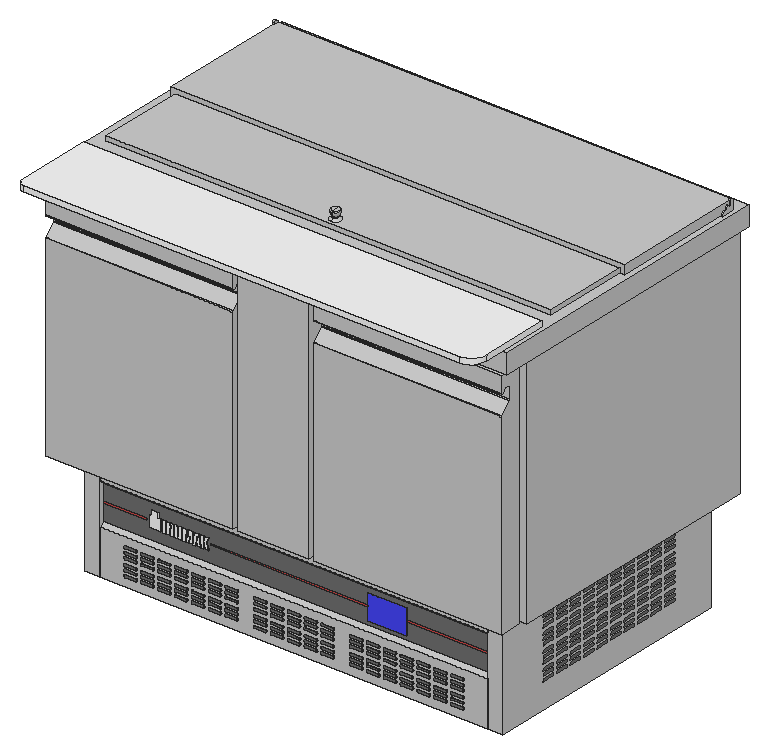
Revit family "QF_INOMAK_BSVP77_250611023528", category Specialty Equipment, Revit 2021 (continued)
Definition of nested family "QF_INOMAK_REF_BASE_MOTOR_2920"
  Forms (mm)
    Extrusion 19, solid
      sketch origin (39, 1580.136, -390.167) x (0, 1, 0) y (0, 0, 1)
        loop
          arc (-1844.436, 581.535) -> (-1841.436, 584.535) -> (-1844.436, 587.535) r 3
          line (-1844.436, 587.535) -> (-1868.436, 587.535)
        loop
          arc (-1829.436, 587.535) -> (-1832.436, 584.535) -> (-1829.436, 581.535) r 3
          line (-1829.436, 581.535) -> (-1805.436, 581.535)
          arc (-1805.436, 581.535) -> (-1802.436, 584.535) -> (-1805.436, 587.535) r 3
          line (-1805.436, 587.535) -> (-1829.436, 587.535)
        loop
          arc (-1790.436, 587.535) -> (-1793.436, 584.535) -> (-1790.436, 581.535) r 3
          line (-1790.436, 581.535) -> (-1766.436, 581.535)
          arc (-1766.436, 581.535) -> (-1763.436, 584.535) -> (-1766.436, 587.535) r 3
          line (-1766.436, 587.535) -> (-1790.436, 587.535)
        loop
          arc (-1751.436, 587.535) -> (-1754.436, 584.535) -> (-1751.436, 581.535) r 3
          line (-1751.436, 581.535) -> (-1727.436, 581.535)
          arc (-1727.436, 581.535) -> (-1724.436, 584.535) -> (-1727.436, 587.535) r 3
          line (-1727.436, 587.535) -> (-1751.436, 587.535)
        loop
          arc (-1985.436, 572.535) -> (-1988.436, 569.535) -> (-1985.436, 566.535) r 3
          line (-1985.436, 566.535) -> (-1961.436, 566.535)
          arc (-1961.436, 566.535) -> (-1958.436, 569.535) -> (-1961.436, 572.535) r 3
          line (-1961.436, 572.535) -> (-1985.436, 572.535)
        loop
          arc (-1946.436, 572.535) -> (-1949.436, 569.535) -> (-1946.436, 566.535) r 3
          line (-1946.436, 566.535) -> (-1922.436, 566.535)
          arc (-1922.436, 566.535) -> (-1919.436, 569.535) -> (-1922.436, 572.535) r 3
          line (-1922.436, 572.535) -> (-1946.436, 572.535)
        loop
          arc (-1907.436, 572.535) -> (-1910.436, 569.535) -> (-1907.436, 566.535) r 3
          line (-1907.436, 566.535) -> (-1883.436, 566.535)
          arc (-1883.436, 566.535) -> (-1880.436, 569.535) -> (-1883.436, 572.535) r 3
          line (-1883.436, 572.535) -> (-1907.436, 572.535)
        loop
          arc (-1868.436, 572.535) -> (-1871.436, 569.535) -> (-1868.436, 566.535) r 3
          line (-1868.436, 566.535) -> (-1844.436, 566.535)
          arc (-1844.436, 566.535) -> (-1841.436, 569.535) -> (-1844.436, 572.535) r 3
          line (-1844.436, 572.535) -> (-1868.436, 572.535)
        loop
          arc (-1829.436, 572.535) -> (-1832.436, 569.535) -> (-1829.436, 566.535) r 3
          line (-1829.436, 566.535) -> (-1805.436, 566.535)
          arc (-1805.436, 566.535) -> (-1802.436, 569.535) -> (-1805.436, 572.535) r 3
          line (-1805.436, 572.535) -> (-1829.436, 572.535)
        loop
          arc (-1790.436, 572.535) -> (-1793.436, 569.535) -> (-1790.436, 566.535) r 3
          line (-1790.436, 566.535) -> (-1766.436, 566.535)
          arc (-1766.436, 566.535) -> (-1763.436, 569.535) -> (-1766.436, 572.535) r 3
          line (-1766.436, 572.535) -> (-1790.436, 572.535)
        loop
          arc (-1751.436, 572.535) -> (-1754.436, 569.535) -> (-1751.436, 566.535) r 3
          line (-1751.436, 566.535) -> (-1727.436, 566.535)
          arc (-1727.436, 566.535) -> (-1724.436, 569.535) -> (-1727.436, 572.535) r 3
          line (-1727.436, 572.535) -> (-1751.436, 572.535)
        loop
          arc (-1985.436, 561.535) -> (-1988.436, 558.535) -> (-1985.436, 555.535) r 3
          line (-1985.436, 555.535) -> (-1961.436, 555.535)
          arc (-1961.436, 555.535) -> (-1958.436, 558.535) -> (-1961.436, 561.535) r 3
          line (-1961.436, 561.535) -> (-1985.436, 561.535)
        loop
          arc (-1946.436, 561.535) -> (-1949.436, 558.535) -> (-1946.436, 555.535) r 3
          line (-1946.436, 555.535) -> (-1922.436, 555.535)
          arc (-1922.436, 555.535) -> (-1919.436, 558.535) -> (-1922.436, 561.535) r 3
          line (-1922.436, 561.535) -> (-1946.436, 561.535)
        loop
          arc (-1907.436, 561.535) -> (-1910.436, 558.535) -> (-1907.436, 555.535) r 3
          line (-1907.436, 555.535) -> (-1883.436, 555.535)
          arc (-1883.436, 555.535) -> (-1880.436, 558.535) -> (-1883.436, 561.535) r 3
          line (-1883.436, 561.535) -> (-1907.436, 561.535)
        loop
          arc (-1868.436, 561.535) -> (-1871.436, 558.535) -> (-1868.436, 555.535) r 3
          line (-1868.436, 555.535) -> (-1844.436, 555.535)
          arc (-1844.436, 555.535) -> (-1841.436, 558.535) -> (-1844.436, 561.535) r 3
          line (-1844.436, 561.535) -> (-1868.436, 561.535)
        loop
          arc (-1829.436, 561.535) -> (-1832.436, 558.535) -> (-1829.436, 555.535) r 3
          line (-1829.436, 555.535) -> (-1805.436, 555.535)
          arc (-1805.436, 555.535) -> (-1802.436, 558.535) -> (-1805.436, 561.535) r 3
          line (-1805.436, 561.535) -> (-1829.436, 561.535)
        loop
          arc (-1790.436, 561.535) -> (-1793.436, 558.535) -> (-1790.436, 555.535) r 3
          line (-1790.436, 555.535) -> (-1766.436, 555.535)
          arc (-1766.436, 555.535) -> (-1763.436, 558.535) -> (-1766.436, 561.535) r 3
          line (-1766.436, 561.535) -> (-1790.436, 561.535)
        loop
          arc (-1751.436, 561.535) -> (-1754.436, 558.535) -> (-1751.436, 555.535) r 3
          line (-1751.436, 555.535) -> (-1727.436, 555.535)
          arc (-1727.436, 555.535) -> (-1724.436, 558.535) -> (-1727.436, 561.535) r 3
          line (-1727.436, 561.535) -> (-1751.436, 561.535)
        loop
          arc (-1985.436, 550.535) -> (-1988.436, 547.535) -> (-1985.436, 544.535) r 3
          line (-1985.436, 544.535) -> (-1961.436, 544.535)
          arc (-1961.436, 544.535) -> (-1958.436, 547.535) -> (-1961.436, 550.535) r 3
          line (-1961.436, 550.535) -> (-1985.436, 550.535)
        loop
          arc (-1946.436, 550.535) -> (-1949.436, 547.535) -> (-1946.436, 544.535) r 3
          line (-1946.436, 544.535) -> (-1922.436, 544.535)
          arc (-1922.436, 544.535) -> (-1919.436, 547.535) -> (-1922.436, 550.535) r 3
          line (-1922.436, 550.535) -> (-1946.436, 550.535)
        loop
          arc (-1907.436, 550.535) -> (-1910.436, 547.535) -> (-1907.436, 544.535) r 3
          line (-1907.436, 544.535) -> (-1883.436, 544.535)
          arc (-1883.436, 544.535) -> (-1880.436, 547.535) -> (-1883.436, 550.535) r 3
          line (-1883.436, 550.535) -> (-1907.436, 550.535)
        loop
          arc (-1868.436, 550.535) -> (-1871.436, 547.535) -> (-1868.436, 544.535) r 3
          line (-1868.436, 544.535) -> (-1844.436, 544.535)
          arc (-1844.436, 544.535) -> (-1841.436, 547.535) -> (-1844.436, 550.535) r 3
          line (-1844.436, 550.535) -> (-1868.436, 550.535)
        loop
          arc (-1829.436, 550.535) -> (-1832.436, 547.535) -> (-1829.436, 544.535) r 3
          line (-1829.436, 544.535) -> (-1805.436, 544.535)
          arc (-1805.436, 544.535) -> (-1802.436, 547.535) -> (-1805.436, 550.535) r 3
          line (-1805.436, 550.535) -> (-1829.436, 550.535)
        loop
          arc (-1790.436, 550.535) -> (-1793.436, 547.535) -> (-1790.436, 544.535) r 3
          line (-1790.436, 544.535) -> (-1766.436, 544.535)
          arc (-1766.436, 544.535) -> (-1763.436, 547.535) -> (-1766.436, 550.535) r 3
          line (-1766.436, 550.535) -> (-1790.436, 550.535)
        loop
          arc (-1751.436, 550.535) -> (-1754.436, 547.535) -> (-1751.436, 544.535) r 3
          line (-1751.436, 544.535) -> (-1727.436, 544.535)
          arc (-1727.436, 544.535) -> (-1724.436, 547.535) -> (-1727.436, 550.535) r 3
          line (-1727.436, 550.535) -> (-1751.436, 550.535)
        loop
          arc (-2102.436, 609.535) -> (-2105.436, 606.535) -> (-2102.436, 603.535) r 3
          line (-2102.436, 603.535) -> (-2078.436, 603.535)
          arc (-2078.436, 603.535) -> (-2075.436, 606.535) -> (-2078.436, 609.535) r 3
          line (-2078.436, 609.535) -> (-2102.436, 609.535)
        loop
          arc (-2063.436, 609.535) -> (-2066.436, 606.535) -> (-2063.436, 603.535) r 3
          line (-2063.436, 603.535) -> (-2039.436, 603.535)
          arc (-2039.436, 603.535) -> (-2036.436, 606.535) -> (-2039.436, 609.535) r 3
          line (-2039.436, 609.535) -> (-2063.436, 609.535)
        loop
          arc (-2024.436, 609.535) -> (-2027.436, 606.535) -> (-2024.436, 603.535) r 3
          line (-2024.436, 603.535) -> (-2000.436, 603.535)
          arc (-2000.436, 603.535) -> (-1997.436, 606.535) -> (-2000.436, 609.535) r 3
          line (-2000.436, 609.535) -> (-2024.436, 609.535)
        loop
          arc (-2102.436, 598.535) -> (-2105.436, 595.535) -> (-2102.436, 592.535) r 3
          line (-2102.436, 592.535) -> (-2078.436, 592.535)
          arc (-2078.436, 592.535) -> (-2075.436, 595.535) -> (-2078.436, 598.535) r 3
          line (-2078.436, 598.535) -> (-2102.436, 598.535)
        loop
          arc (-2063.436, 598.535) -> (-2066.436, 595.535) -> (-2063.436, 592.535) r 3
          line (-2063.436, 592.535) -> (-2039.436, 592.535)
          arc (-2039.436, 592.535) -> (-2036.436, 595.535) -> (-2039.436, 598.535) r 3
          line (-2039.436, 598.535) -> (-2063.436, 598.535)
        loop
          arc (-2024.436, 598.535) -> (-2027.436, 595.535) -> (-2024.436, 592.535) r 3
          line (-2024.436, 592.535) -> (-2000.436, 592.535)
          arc (-2000.436, 592.535) -> (-1997.436, 595.535) -> (-2000.436, 598.535) r 3
          line (-2000.436, 598.535) -> (-2024.436, 598.535)
        loop
          arc (-2102.436, 587.535) -> (-2105.436, 584.535) -> (-2102.436, 581.535) r 3
          line (-2102.436, 581.535) -> (-2078.436, 581.535)
          arc (-2078.436, 581.535) -> (-2075.436, 584.535) -> (-2078.436, 587.535) r 3
          line (-2078.436, 587.535) -> (-2102.436, 587.535)
        loop
          arc (-2063.436, 587.535) -> (-2066.436, 584.535) -> (-2063.436, 581.535) r 3
          line (-2063.436, 581.535) -> (-2039.436, 581.535)
          arc (-2039.436, 581.535) -> (-2036.436, 584.535) -> (-2039.436, 587.535) r 3
          line (-2039.436, 587.535) -> (-2063.436, 587.535)
        loop
          arc (-2024.436, 587.535) -> (-2027.436, 584.535) -> (-2024.436, 581.535) r 3
          line (-2024.436, 581.535) -> (-2000.436, 581.535)
          arc (-2000.436, 581.535) -> (-1997.436, 584.535) -> (-2000.436, 587.535) r 3
          line (-2000.436, 587.535) -> (-2024.436, 587.535)
        loop
          arc (-2102.436, 572.535) -> (-2105.436, 569.535) -> (-2102.436, 566.535) r 3
          line (-2102.436, 566.535) -> (-2078.436, 566.535)
          arc (-2078.436, 566.535) -> (-2075.436, 569.535) -> (-2078.436, 572.535) r 3
          line (-2078.436, 572.535) -> (-2102.436, 572.535)
        loop
          arc (-2063.436, 572.535) -> (-2066.436, 569.535) -> (-2063.436, 566.535) r 3
          line (-2063.436, 566.535) -> (-2039.436, 566.535)
          arc (-2039.436, 566.535) -> (-2036.436, 569.535) -> (-2039.436, 572.535) r 3
          line (-2039.436, 572.535) -> (-2063.436, 572.535)
        loop
          arc (-2024.436, 572.535) -> (-2027.436, 569.535) -> (-2024.436, 566.535) r 3
          line (-2024.436, 566.535) -> (-2000.436, 566.535)
          arc (-2000.436, 566.535) -> (-1997.436, 569.535) -> (-2000.436, 572.535) r 3
          line (-2000.436, 572.535) -> (-2024.436, 572.535)
        loop
          arc (-2102.436, 561.535) -> (-2105.436, 558.535) -> (-2102.436, 555.535) r 3
          line (-2102.436, 555.535) -> (-2078.436, 555.535)
          arc (-2078.436, 555.535) -> (-2075.436, 558.535) -> (-2078.436, 561.535) r 3
          line (-2078.436, 561.535) -> (-2102.436, 561.535)
        loop
          arc (-2063.436, 561.535) -> (-2066.436, 558.535) -> (-2063.436, 555.535) r 3
          line (-2063.436, 555.535) -> (-2039.436, 555.535)
          arc (-2039.436, 555.535) -> (-2036.436, 558.535) -> (-2039.436, 561.535) r 3
          line (-2039.436, 561.535) -> (-2063.436, 561.535)
        loop
          arc (-2024.436, 561.535) -> (-2027.436, 558.535) -> (-2024.436, 555.535) r 3
          line (-2024.436, 555.535) -> (-2000.436, 555.535)
          arc (-2000.436, 555.535) -> (-1997.436, 558.535) -> (-2000.436, 561.535) r 3
          line (-2000.436, 561.535) -> (-2024.436, 561.535)
        loop
          arc (-2102.436, 550.535) -> (-2105.436, 547.535) -> (-2102.436, 544.535) r 3
          line (-2102.436, 544.535) -> (-2078.436, 544.535)
          arc (-2078.436, 544.535) -> (-2075.436, 547.535) -> (-2078.436, 550.535) r 3
          line (-2078.436, 550.535) -> (-2102.436, 550.535)
        loop
          arc (-2063.436, 550.535) -> (-2066.436, 547.535) -> (-2063.436, 544.535) r 3
          line (-2063.436, 544.535) -> (-2039.436, 544.535)
          arc (-2039.436, 544.535) -> (-2036.436, 547.535) -> (-2039.436, 550.535) r 3
          line (-2039.436, 550.535) -> (-2063.436, 550.535)
        loop
          arc (-2024.436, 550.535) -> (-2027.436, 547.535) -> (-2024.436, 544.535) r 3
          line (-2024.436, 544.535) -> (-2000.436, 544.535)
          arc (-2000.436, 544.535) -> (-1997.436, 547.535) -> (-2000.436, 550.535) r 3
          line (-2000.436, 550.535) -> (-2024.436, 550.535)
        loop
          arc (-1985.436, 534.535) -> (-1988.436, 531.535) -> (-1985.436, 528.535) r 3
          line (-1985.436, 528.535) -> (-1961.436, 528.535)
          arc (-1961.436, 528.535) -> (-1958.436, 531.535) -> (-1961.436, 534.535) r 3
          line (-1961.436, 534.535) -> (-1985.436, 534.535)
        loop
          arc (-1946.436, 534.535) -> (-1949.436, 531.535) -> (-1946.436, 528.535) r 3
          line (-1946.436, 528.535) -> (-1922.436, 528.535)
          arc (-1922.436, 528.535) -> (-1919.436, 531.535) -> (-1922.436, 534.535) r 3
          line (-1922.436, 534.535) -> (-1946.436, 534.535)
        loop
          arc (-1907.436, 534.535) -> (-1910.436, 531.535) -> (-1907.436, 528.535) r 3
          line (-1907.436, 528.535) -> (-1883.436, 528.535)
          arc (-1883.436, 528.535) -> (-1880.436, 531.535) -> (-1883.436, 534.535) r 3
          line (-1883.436, 534.535) -> (-1907.436, 534.535)
        loop
          arc (-1868.436, 534.535) -> (-1871.436, 531.535) -> (-1868.436, 528.535) r 3
          line (-1868.436, 528.535) -> (-1844.436, 528.535)
          arc (-1844.436, 528.535) -> (-1841.436, 531.535) -> (-1844.436, 534.535) r 3
          line (-1844.436, 534.535) -> (-1868.436, 534.535)
        loop
          arc (-1829.436, 534.535) -> (-1832.436, 531.535) -> (-1829.436, 528.535) r 3
          line (-1829.436, 528.535) -> (-1805.436, 528.535)
          arc (-1805.436, 528.535) -> (-1802.436, 531.535) -> (-1805.436, 534.535) r 3
          line (-1805.436, 534.535) -> (-1829.436, 534.535)
        loop
          arc (-1790.436, 534.535) -> (-1793.436, 531.535) -> (-1790.436, 528.535) r 3
          line (-1790.436, 528.535) -> (-1766.436, 528.535)
          arc (-1766.436, 528.535) -> (-1763.436, 531.535) -> (-1766.436, 534.535) r 3
          line (-1766.436, 534.535) -> (-1790.436, 534.535)
        loop
          arc (-1751.436, 534.535) -> (-1754.436, 531.535) -> (-1751.436, 528.535) r 3
          line (-1751.436, 528.535) -> (-1727.436, 528.535)
          arc (-1727.436, 528.535) -> (-1724.436, 531.535) -> (-1727.436, 534.535) r 3
          line (-1727.436, 534.535) -> (-1751.436, 534.535)
        loop
          arc (-1985.436, 523.535) -> (-1988.436, 520.535) -> (-1985.436, 517.535) r 3
          line (-1985.436, 517.535) -> (-1961.436, 517.535)
          arc (-1961.436, 517.535) -> (-1958.436, 520.535) -> (-1961.436, 523.535) r 3
          line (-1961.436, 523.535) -> (-1985.436, 523.535)
        loop
          arc (-1946.436, 523.535) -> (-1949.436, 520.535) -> (-1946.436, 517.535) r 3
          line (-1946.436, 517.535) -> (-1922.436, 517.535)
          arc (-1922.436, 517.535) -> (-1919.436, 520.535) -> (-1922.436, 523.535) r 3
          line (-1922.436, 523.535) -> (-1946.436, 523.535)
        loop
          arc (-1907.436, 523.535) -> (-1910.436, 520.535) -> (-1907.436, 517.535) r 3
          line (-1907.436, 517.535) -> (-1883.436, 517.535)
          arc (-1883.436, 517.535) -> (-1880.436, 520.535) -> (-1883.436, 523.535) r 3
          line (-1883.436, 523.535) -> (-1907.436, 523.535)
        loop
          arc (-1868.436, 523.535) -> (-1871.436, 520.535) -> (-1868.436, 517.535) r 3
          line (-1868.436, 517.535) -> (-1844.436, 517.535)
          arc (-1844.436, 517.535) -> (-1841.436, 520.535) -> (-1844.436, 523.535) r 3
          line (-1844.436, 523.535) -> (-1868.436, 523.535)
        loop
          arc (-1829.436, 523.535) -> (-1832.436, 520.535) -> (-1829.436, 517.535) r 3
          line (-1829.436, 517.535) -> (-1805.436, 517.535)
          arc (-1805.436, 517.535) -> (-1802.436, 520.535) -> (-1805.436, 523.535) r 3
          line (-1805.436, 523.535) -> (-1829.436, 523.535)
        loop
          arc (-1790.436, 523.535) -> (-1793.436, 520.535) -> (-1790.436, 517.535) r 3
          line (-1790.436, 517.535) -> (-1766.436, 517.535)
          arc (-1766.436, 517.535) -> (-1763.436, 520.535) -> (-1766.436, 523.535) r 3
          line (-1766.436, 523.535) -> (-1790.436, 523.535)
        loop
          arc (-1751.436, 523.535) -> (-1754.436, 520.535) -> (-1751.436, 517.535) r 3
          line (-1751.436, 517.535) -> (-1727.436, 517.535)
          arc (-1727.436, 517.535) -> (-1724.436, 520.535) -> (-1727.436, 523.535) r 3
          line (-1727.436, 523.535) -> (-1751.436, 523.535)
        loop
          arc (-1985.436, 512.535) -> (-1988.436, 509.535) -> (-1985.436, 506.535) r 3
          line (-1985.436, 506.535) -> (-1961.436, 506.535)
          arc (-1961.436, 506.535) -> (-1958.436, 509.535) -> (-1961.436, 512.535) r 3
          line (-1961.436, 512.535) -> (-1985.436, 512.535)
        loop
          arc (-1946.436, 512.535) -> (-1949.436, 509.535) -> (-1946.436, 506.535) r 3
          line (-1946.436, 506.535) -> (-1922.436, 506.535)
          arc (-1922.436, 506.535) -> (-1919.436, 509.535) -> (-1922.436, 512.535) r 3
          line (-1922.436, 512.535) -> (-1946.436, 512.535)
        loop
          arc (-1907.436, 512.535) -> (-1910.436, 509.535) -> (-1907.436, 506.535) r 3
          line (-1907.436, 506.535) -> (-1883.436, 506.535)
          arc (-1883.436, 506.535) -> (-1880.436, 509.535) -> (-1883.436, 512.535) r 3
          line (-1883.436, 512.535) -> (-1907.436, 512.535)
        loop
          arc (-1868.436, 512.535) -> (-1871.436, 509.535) -> (-1868.436, 506.535) r 3
          line (-1868.436, 506.535) -> (-1844.436, 506.535)
          arc (-1844.436, 506.535) -> (-1841.436, 509.535) -> (-1844.436, 512.535) r 3
          line (-1844.436, 512.535) -> (-1868.436, 512.535)
        loop
          arc (-1829.436, 512.535) -> (-1832.436, 509.535) -> (-1829.436, 506.535) r 3
          line (-1829.436, 506.535) -> (-1805.436, 506.535)
          arc (-1805.436, 506.535) -> (-1802.436, 509.535) -> (-1805.436, 512.535) r 3
          line (-1805.436, 512.535) -> (-1829.436, 512.535)
        loop
          arc (-1790.436, 512.535) -> (-1793.436, 509.535) -> (-1790.436, 506.535) r 3
          line (-1790.436, 506.535) -> (-1766.436, 506.535)
          arc (-1766.436, 506.535) -> (-1763.436, 509.535) -> (-1766.436, 512.535) r 3
          line (-1766.436, 512.535) -> (-1790.436, 512.535)
        loop
          arc (-1751.436, 512.535) -> (-1754.436, 509.535) -> (-1751.436, 506.535) r 3
          line (-1751.436, 506.535) -> (-1727.436, 506.535)
          arc (-1727.436, 506.535) -> (-1724.436, 509.535) -> (-1727.436, 512.535) r 3
          line (-1727.436, 512.535) -> (-1751.436, 512.535)
        loop
          arc (-1985.436, 497.535) -> (-1988.436, 494.535) -> (-1985.436, 491.535) r 3
          line (-1985.436, 491.535) -> (-1961.436, 491.535)
          arc (-1961.436, 491.535) -> (-1958.436, 494.535) -> (-1961.436, 497.535) r 3
          line (-1961.436, 497.535) -> (-1985.436, 497.535)
        loop
          arc (-1946.436, 497.535) -> (-1949.436, 494.535) -> (-1946.436, 491.535) r 3
          line (-1946.436, 491.535) -> (-1922.436, 491.535)
          arc (-1922.436, 491.535) -> (-1919.436, 494.535) -> (-1922.436, 497.535) r 3
          line (-1922.436, 497.535) -> (-1946.436, 497.535)
        loop
          arc (-1907.436, 497.535) -> (-1910.436, 494.535) -> (-1907.436, 491.535) r 3
          line (-1907.436, 491.535) -> (-1883.436, 491.535)
          arc (-1883.436, 491.535) -> (-1880.436, 494.535) -> (-1883.436, 497.535) r 3
          line (-1883.436, 497.535) -> (-1907.436, 497.535)
        loop
          arc (-1868.436, 497.535) -> (-1871.436, 494.535) -> (-1868.436, 491.535) r 3
          line (-1868.436, 491.535) -> (-1844.436, 491.535)
          arc (-1844.436, 491.535) -> (-1841.436, 494.535) -> (-1844.436, 497.535) r 3
          line (-1844.436, 497.535) -> (-1868.436, 497.535)
        loop
          arc (-1829.436, 497.535) -> (-1832.436, 494.535) -> (-1829.436, 491.535) r 3
          line (-1829.436, 491.535) -> (-1805.436, 491.535)
          arc (-1805.436, 491.535) -> (-1802.436, 494.535) -> (-1805.436, 497.535) r 3
          line (-1805.436, 497.535) -> (-1829.436, 497.535)
        loop
          arc (-1790.436, 497.535) -> (-1793.436, 494.535) -> (-1790.436, 491.535) r 3
          line (-1790.436, 491.535) -> (-1766.436, 491.535)
          arc (-1766.436, 491.535) -> (-1763.436, 494.535) -> (-1766.436, 497.535) r 3
          line (-1766.436, 497.535) -> (-1790.436, 497.535)
        loop
          arc (-1751.436, 497.535) -> (-1754.436, 494.535) -> (-1751.436, 491.535) r 3
          line (-1751.436, 491.535) -> (-1727.436, 491.535)
          arc (-1727.436, 491.535) -> (-1724.436, 494.535) -> (-1727.436, 497.535) r 3
          line (-1727.436, 497.535) -> (-1751.436, 497.535)
        loop
          arc (-1985.436, 486.535) -> (-1988.436, 483.535) -> (-1985.436, 480.535) r 3
          line (-1985.436, 480.535) -> (-1961.436, 480.535)
          arc (-1961.436, 480.535) -> (-1958.436, 483.535) -> (-1961.436, 486.535) r 3
          line (-1961.436, 486.535) -> (-1985.436, 486.535)
        loop
          arc (-1946.436, 486.535) -> (-1949.436, 483.535) -> (-1946.436, 480.535) r 3
          line (-1946.436, 480.535) -> (-1922.436, 480.535)
          arc (-1922.436, 480.535) -> (-1919.436, 483.535) -> (-1922.436, 486.535) r 3
          line (-1922.436, 486.535) -> (-1946.436, 486.535)
        loop
          arc (-1907.436, 486.535) -> (-1910.436, 483.535) -> (-1907.436, 480.535) r 3
          line (-1907.436, 480.535) -> (-1883.436, 480.535)
          arc (-1883.436, 480.535) -> (-1880.436, 483.535) -> (-1883.436, 486.535) r 3
          line (-1883.436, 486.535) -> (-1907.436, 486.535)
        loop
          arc (-1868.436, 486.535) -> (-1871.436, 483.535) -> (-1868.436, 480.535) r 3
          line (-1868.436, 480.535) -> (-1844.436, 480.535)
          arc (-1844.436, 480.535) -> (-1841.436, 483.535) -> (-1844.436, 486.535) r 3
          line (-1844.436, 486.535) -> (-1868.436, 486.535)
        loop
          arc (-1829.436, 486.535) -> (-1832.436, 483.535) -> (-1829.436, 480.535) r 3
          line (-1829.436, 480.535) -> (-1805.436, 480.535)
          arc (-1805.436, 480.535) -> (-1802.436, 483.535) -> (-1805.436, 486.535) r 3
          line (-1805.436, 486.535) -> (-1829.436, 486.535)
        loop
          arc (-1790.436, 486.535) -> (-1793.436, 483.535) -> (-1790.436, 480.535) r 3
          line (-1790.436, 480.535) -> (-1766.436, 480.535)
          arc (-1766.436, 480.535) -> (-1763.436, 483.535) -> (-1766.436, 486.535) r 3
          line (-1766.436, 486.535) -> (-1790.436, 486.535)
        loop
          arc (-1751.436, 486.535) -> (-1754.436, 483.535) -> (-1751.436, 480.535) r 3
          line (-1751.436, 480.535) -> (-1727.436, 480.535)
          arc (-1727.436, 480.535) -> (-1724.436, 483.535) -> (-1727.436, 486.535) r 3
          line (-1727.436, 486.535) -> (-1751.436, 486.535)
        loop
          arc (-1985.436, 475.535) -> (-1988.436, 472.535) -> (-1985.436, 469.535) r 3
          line (-1985.436, 469.535) -> (-1961.436, 469.535)
          arc (-1961.436, 469.535) -> (-1958.436, 472.535) -> (-1961.436, 475.535) r 3
          line (-1961.436, 475.535) -> (-1985.436, 475.535)
        loop
          arc (-1946.436, 475.535) -> (-1949.436, 472.535) -> (-1946.436, 469.535) r 3
          line (-1946.436, 469.535) -> (-1922.436, 469.535)
          arc (-1922.436, 469.535) -> (-1919.436, 472.535) -> (-1922.436, 475.535) r 3
          line (-1922.436, 475.535) -> (-1946.436, 475.535)
        loop
          arc (-1907.436, 475.535) -> (-1910.436, 472.535) -> (-1907.436, 469.535) r 3
          line (-1907.436, 469.535) -> (-1883.436, 469.535)
          arc (-1883.436, 469.535) -> (-1880.436, 472.535) -> (-1883.436, 475.535) r 3
          line (-1883.436, 475.535) -> (-1907.436, 475.535)
        loop
          arc (-1868.436, 475.535) -> (-1871.436, 472.535) -> (-1868.436, 469.535) r 3
          line (-1868.436, 469.535) -> (-1844.436, 469.535)
          arc (-1844.436, 469.535) -> (-1841.436, 472.535) -> (-1844.436, 475.535) r 3
          line (-1844.436, 475.535) -> (-1868.436, 475.535)
        loop
          arc (-1829.436, 475.535) -> (-1832.436, 472.535) -> (-1829.436, 469.535) r 3
          line (-1829.436, 469.535) -> (-1805.436, 469.535)
          arc (-1805.436, 469.535) -> (-1802.436, 472.535) -> (-1805.436, 475.535) r 3
          line (-1805.436, 475.535) -> (-1829.436, 475.535)
        loop
          arc (-1790.436, 475.535) -> (-1793.436, 472.535) -> (-1790.436, 469.535) r 3
          line (-1790.436, 469.535) -> (-1766.436, 469.535)
          arc (-1766.436, 469.535) -> (-1763.436, 472.535) -> (-1766.436, 475.535) r 3
          line (-1766.436, 475.535) -> (-1790.436, 475.535)
        loop
          arc (-1751.436, 475.535) -> (-1754.436, 472.535) -> (-1751.436, 469.535) r 3
          line (-1751.436, 469.535) -> (-1727.436, 469.535)
          arc (-1727.436, 469.535) -> (-1724.436, 472.535) -> (-1727.436, 475.535) r 3
          line (-1727.436, 475.535) -> (-1751.436, 475.535)
        loop
          arc (-2102.436, 534.535) -> (-2105.436, 531.535) -> (-2102.436, 528.535) r 3
          line (-2102.436, 528.535) -> (-2078.436, 528.535)
          arc (-2078.436, 528.535) -> (-2075.436, 531.535) -> (-2078.436, 534.535) r 3
          line (-2078.436, 534.535) -> (-2102.436, 534.535)
        loop
          arc (-2063.436, 534.535) -> (-2066.436, 531.535) -> (-2063.436, 528.535) r 3
          line (-2063.436, 528.535) -> (-2039.436, 528.535)
          arc (-2039.436, 528.535) -> (-2036.436, 531.535) -> (-2039.436, 534.535) r 3
          line (-2039.436, 534.535) -> (-2063.436, 534.535)
        loop
          arc (-2024.436, 534.535) -> (-2027.436, 531.535) -> (-2024.436, 528.535) r 3
          line (-2024.436, 528.535) -> (-2000.436, 528.535)
          arc (-2000.436, 528.535) -> (-1997.436, 531.535) -> (-2000.436, 534.535) r 3
          line (-2000.436, 534.535) -> (-2024.436, 534.535)
        loop
          arc (-2102.436, 523.535) -> (-2105.436, 520.535) -> (-2102.436, 517.535) r 3
          line (-2102.436, 517.535) -> (-2078.436, 517.535)
          arc (-2078.436, 517.535) -> (-2075.436, 520.535) -> (-2078.436, 523.535) r 3
          line (-2078.436, 523.535) -> (-2102.436, 523.535)
        loop
          arc (-2063.436, 523.535) -> (-2066.436, 520.535) -> (-2063.436, 517.535) r 3
          line (-2063.436, 517.535) -> (-2039.436, 517.535)
          arc (-2039.436, 517.535) -> (-2036.436, 520.535) -> (-2039.436, 523.535) r 3
          line (-2039.436, 523.535) -> (-2063.436, 523.535)
        loop
          arc (-2024.436, 523.535) -> (-2027.436, 520.535) -> (-2024.436, 517.535) r 3
          line (-2024.436, 517.535) -> (-2000.436, 517.535)
          arc (-2000.436, 517.535) -> (-1997.436, 520.535) -> (-2000.436, 523.535) r 3
          line (-2000.436, 523.535) -> (-2024.436, 523.535)
        loop
          arc (-2102.436, 512.535) -> (-2105.436, 509.535) -> (-2102.436, 506.535) r 3
          line (-2102.436, 506.535) -> (-2078.436, 506.535)
          arc (-2078.436, 506.535) -> (-2075.436, 509.535) -> (-2078.436, 512.535) r 3
          line (-2078.436, 512.535) -> (-2102.436, 512.535)
        loop
          arc (-2063.436, 512.535) -> (-2066.436, 509.535) -> (-2063.436, 506.535) r 3
          line (-2063.436, 506.535) -> (-2039.436, 506.535)
          arc (-2039.436, 506.535) -> (-2036.436, 509.535) -> (-2039.436, 512.535) r 3
          line (-2039.436, 512.535) -> (-2063.436, 512.535)
        loop
          arc (-2024.436, 512.535) -> (-2027.436, 509.535) -> (-2024.436, 506.535) r 3
          line (-2024.436, 506.535) -> (-2000.436, 506.535)
          arc (-2000.436, 506.535) -> (-1997.436, 509.535) -> (-2000.436, 512.535) r 3
          line (-2000.436, 512.535) -> (-2024.436, 512.535)
        loop
          arc (-2102.436, 497.535) -> (-2105.436, 494.535) -> (-2102.436, 491.535) r 3
          line (-2102.436, 491.535) -> (-2078.436, 491.535)
          arc (-2078.436, 491.535) -> (-2075.436, 494.535) -> (-2078.436, 497.535) r 3
          line (-2078.436, 497.535) -> (-2102.436, 497.535)
        loop
          arc (-2063.436, 497.535) -> (-2066.436, 494.535) -> (-2063.436, 491.535) r 3
          line (-2063.436, 491.535) -> (-2039.436, 491.535)
          arc (-2039.436, 491.535) -> (-2036.436, 494.535) -> (-2039.436, 497.535) r 3
          line (-2039.436, 497.535) -> (-2063.436, 497.535)
        loop
          arc (-2024.436, 497.535) -> (-2027.436, 494.535) -> (-2024.436, 491.535) r 3
          line (-2024.436, 491.535) -> (-2000.436, 491.535)
          arc (-2000.436, 491.535) -> (-1997.436, 494.535) -> (-2000.436, 497.535) r 3
          line (-2000.436, 497.535) -> (-2024.436, 497.535)
        loop
          arc (-2102.436, 486.535) -> (-2105.436, 483.535) -> (-2102.436, 480.535) r 3
          line (-2102.436, 480.535) -> (-2078.436, 480.535)
          arc (-2078.436, 480.535) -> (-2075.436, 483.535) -> (-2078.436, 486.535) r 3
          line (-2078.436, 486.535) -> (-2102.436, 486.535)
        loop
          arc (-2063.436, 486.535) -> (-2066.436, 483.535) -> (-2063.436, 480.535) r 3
          line (-2063.436, 480.535) -> (-2039.436, 480.535)
          arc (-2039.436, 480.535) -> (-2036.436, 483.535) -> (-2039.436, 486.535) r 3
          line (-2039.436, 486.535) -> (-2063.436, 486.535)
        loop
          arc (-2024.436, 486.535) -> (-2027.436, 483.535) -> (-2024.436, 480.535) r 3
          line (-2024.436, 480.535) -> (-2000.436, 480.535)
          arc (-2000.436, 480.535) -> (-1997.436, 483.535) -> (-2000.436, 486.535) r 3
          line (-2000.436, 486.535) -> (-2024.436, 486.535)
        loop
          arc (-2102.436, 475.535) -> (-2105.436, 472.535) -> (-2102.436, 469.535) r 3
          line (-2102.436, 469.535) -> (-2078.436, 469.535)
          arc (-2078.436, 469.535) -> (-2075.436, 472.535) -> (-2078.436, 475.535) r 3
          line (-2078.436, 475.535) -> (-2102.436, 475.535)
        loop
          arc (-2063.436, 475.535) -> (-2066.436, 472.535) -> (-2063.436, 469.535) r 3
          line (-2063.436, 469.535) -> (-2039.436, 469.535)
          arc (-2039.436, 469.535) -> (-2036.436, 472.535) -> (-2039.436, 475.535) r 3
          line (-2039.436, 475.535) -> (-2063.436, 475.535)
        loop
          arc (-2024.436, 475.535) -> (-2027.436, 472.535) -> (-2024.436, 469.535) r 3
          line (-2024.436, 469.535) -> (-2000.436, 469.535)
          arc (-2000.436, 469.535) -> (-1997.436, 472.535) -> (-2000.436, 475.535) r 3
          line (-2000.436, 475.535) -> (-2024.436, 475.535)
      from 16.5 to 19
    Extrusion 20, solid
      sketch origin (1041, 1580.136, -390.167) x (0, 1, 0) y (0, 0, -1)
        loop
          line (-1985.436, -609.535) -> (-1961.436, -609.535)
          arc (-1961.436, -609.535) -> (-1958.436, -606.535) -> (-1961.436, -603.535) r 3
          line (-1961.436, -603.535) -> (-1985.436, -603.535)
          arc (-1985.436, -603.535) -> (-1988.436, -606.535) -> (-1985.436, -609.535) r 3
        loop
          line (-1946.436, -609.535) -> (-1922.436, -609.535)
          arc (-1922.436, -609.535) -> (-1919.436, -606.535) -> (-1922.436, -603.535) r 3
          line (-1922.436, -603.535) -> (-1946.436, -603.535)
          arc (-1946.436, -603.535) -> (-1949.436, -606.535) -> (-1946.436, -609.535) r 3
        loop
          line (-1907.436, -609.535) -> (-1883.436, -609.535)
          arc (-1883.436, -609.535) -> (-1880.436, -606.535) -> (-1883.436, -603.535) r 3
          line (-1883.436, -603.535) -> (-1907.436, -603.535)
          arc (-1907.436, -603.535) -> (-1910.436, -606.535) -> (-1907.436, -609.535) r 3
        loop
          line (-1868.436, -609.535) -> (-1844.436, -609.535)
          arc (-1844.436, -609.535) -> (-1841.436, -606.535) -> (-1844.436, -603.535) r 3
          line (-1844.436, -603.535) -> (-1868.436, -603.535)
          arc (-1868.436, -603.535) -> (-1871.436, -606.535) -> (-1868.436, -609.535) r 3
        loop
          line (-1829.436, -609.535) -> (-1805.436, -609.535)
          arc (-1805.436, -609.535) -> (-1802.436, -606.535) -> (-1805.436, -603.535) r 3
          line (-1805.436, -603.535) -> (-1829.436, -603.535)
          arc (-1829.436, -603.535) -> (-1832.436, -606.535) -> (-1829.436, -609.535) r 3
        loop
          line (-1790.436, -609.535) -> (-1766.436, -609.535)
          arc (-1766.436, -609.535) -> (-1763.436, -606.535) -> (-1766.436, -603.535) r 3
          line (-1766.436, -603.535) -> (-1790.436, -603.535)
          arc (-1790.436, -603.535) -> (-1793.436, -606.535) -> (-1790.436, -609.535) r 3
        loop
          line (-1751.436, -609.535) -> (-1727.436, -609.535)
          arc (-1727.436, -609.535) -> (-1724.436, -606.535) -> (-1727.436, -603.535) r 3
          line (-1727.436, -603.535) -> (-1751.436, -603.535)
          arc (-1751.436, -603.535) -> (-1754.436, -606.535) -> (-1751.436, -609.535) r 3
        loop
          line (-1985.436, -598.535) -> (-1961.436, -598.535)
          arc (-1961.436, -598.535) -> (-1958.436, -595.535) -> (-1961.436, -592.535) r 3
          line (-1961.436, -592.535) -> (-1985.436, -592.535)
          arc (-1985.436, -592.535) -> (-1988.436, -595.535) -> (-1985.436, -598.535) r 3
        loop
          line (-1946.436, -598.535) -> (-1922.436, -598.535)
          arc (-1922.436, -598.535) -> (-1919.436, -595.535) -> (-1922.436, -592.535) r 3
          line (-1922.436, -592.535) -> (-1946.436, -592.535)
          arc (-1946.436, -592.535) -> (-1949.436, -595.535) -> (-1946.436, -598.535) r 3
        loop
          line (-1907.436, -598.535) -> (-1883.436, -598.535)
          arc (-1883.436, -598.535) -> (-1880.436, -595.535) -> (-1883.436, -592.535) r 3
          line (-1883.436, -592.535) -> (-1907.436, -592.535)
          arc (-1907.436, -592.535) -> (-1910.436, -595.535) -> (-1907.436, -598.535) r 3
        loop
          line (-1868.436, -598.535) -> (-1844.436, -598.535)
          arc (-1844.436, -598.535) -> (-1841.436, -595.535) -> (-1844.436, -592.535) r 3
          line (-1844.436, -592.535) -> (-1868.436, -592.535)
          arc (-1868.436, -592.535) -> (-1871.436, -595.535) -> (-1868.436, -598.535) r 3
        loop
          line (-1829.436, -598.535) -> (-1805.436, -598.535)
          arc (-1805.436, -598.535) -> (-1802.436, -595.535) -> (-1805.436, -592.535) r 3
          line (-1805.436, -592.535) -> (-1829.436, -592.535)
          arc (-1829.436, -592.535) -> (-1832.436, -595.535) -> (-1829.436, -598.535) r 3
        loop
          line (-1790.436, -598.535) -> (-1766.436, -598.535)
          arc (-1766.436, -598.535) -> (-1763.436, -595.535) -> (-1766.436, -592.535) r 3
          line (-1766.436, -592.535) -> (-1790.436, -592.535)
          arc (-1790.436, -592.535) -> (-1793.436, -595.535) -> (-1790.436, -598.535) r 3
        loop
          line (-1751.436, -598.535) -> (-1727.436, -598.535)
          arc (-1727.436, -598.535) -> (-1724.436, -595.535) -> (-1727.436, -592.535) r 3
          line (-1727.436, -592.535) -> (-1751.436, -592.535)
          arc (-1751.436, -592.535) -> (-1754.436, -595.535) -> (-1751.436, -598.535) r 3
        loop
          line (-1985.436, -587.535) -> (-1961.436, -587.535)
          arc (-1961.436, -587.535) -> (-1958.436, -584.535) -> (-1961.436, -581.535) r 3
          line (-1961.436, -581.535) -> (-1985.436, -581.535)
          arc (-1985.436, -581.535) -> (-1988.436, -584.535) -> (-1985.436, -587.535) r 3
        loop
          line (-1946.436, -587.535) -> (-1922.436, -587.535)
          arc (-1922.436, -587.535) -> (-1919.436, -584.535) -> (-1922.436, -581.535) r 3
          line (-1922.436, -581.535) -> (-1946.436, -581.535)
          arc (-1946.436, -581.535) -> (-1949.436, -584.535) -> (-1946.436, -587.535) r 3
        loop
          line (-1907.436, -587.535) -> (-1883.436, -587.535)
          arc (-1883.436, -587.535) -> (-1880.436, -584.535) -> (-1883.436, -581.535) r 3
          line (-1883.436, -581.535) -> (-1907.436, -581.535)
          arc (-1907.436, -581.535) -> (-1910.436, -584.535) -> (-1907.436, -587.535) r 3
        loop
          line (-1868.436, -587.535) -> (-1844.436, -587.535)
          arc (-1844.436, -587.535) -> (-1841.436, -584.535) -> (-1844.436, -581.535) r 3
          line (-1844.436, -581.535) -> (-1868.436, -581.535)
          arc (-1868.436, -581.535) -> (-1871.436, -584.535) -> (-1868.436, -587.535) r 3
        loop
          line (-1829.436, -587.535) -> (-1805.436, -587.535)
          arc (-1805.436, -587.535) -> (-1802.436, -584.535) -> (-1805.436, -581.535) r 3
          line (-1805.436, -581.535) -> (-1829.436, -581.535)
          arc (-1829.436, -581.535) -> (-1832.436, -584.535) -> (-1829.436, -587.535) r 3
        loop
          line (-1790.436, -587.535) -> (-1766.436, -587.535)
          arc (-1766.436, -587.535) -> (-1763.436, -584.535) -> (-1766.436, -581.535) r 3
          line (-1766.436, -581.535) -> (-1790.436, -581.535)
          arc (-1790.436, -581.535) -> (-1793.436, -584.535) -> (-1790.436, -587.535) r 3
        loop
          line (-1751.436, -587.535) -> (-1727.436, -587.535)
          arc (-1727.436, -587.535) -> (-1724.436, -584.535) -> (-1727.436, -581.535) r 3
          line (-1727.436, -581.535) -> (-1751.436, -581.535)
          arc (-1751.436, -581.535) -> (-1754.436, -584.535) -> (-1751.436, -587.535) r 3
        loop
          line (-1985.436, -572.535) -> (-1961.436, -572.535)
          arc (-1961.436, -572.535) -> (-1958.436, -569.535) -> (-1961.436, -566.535) r 3
          line (-1961.436, -566.535) -> (-1985.436, -566.535)
          arc (-1985.436, -566.535) -> (-1988.436, -569.535) -> (-1985.436, -572.535) r 3
        loop
          line (-1946.436, -572.535) -> (-1922.436, -572.535)
          arc (-1922.436, -572.535) -> (-1919.436, -569.535) -> (-1922.436, -566.535) r 3
          line (-1922.436, -566.535) -> (-1946.436, -566.535)
          arc (-1946.436, -566.535) -> (-1949.436, -569.535) -> (-1946.436, -572.535) r 3
        loop
          line (-1907.436, -572.535) -> (-1883.436, -572.535)
          arc (-1883.436, -572.535) -> (-1880.436, -569.535) -> (-1883.436, -566.535) r 3
          line (-1883.436, -566.535) -> (-1907.436, -566.535)
          arc (-1907.436, -566.535) -> (-1910.436, -569.535) -> (-1907.436, -572.535) r 3
        loop
          line (-1868.436, -572.535) -> (-1844.436, -572.535)
          arc (-1844.436, -572.535) -> (-1841.436, -569.535) -> (-1844.436, -566.535) r 3
          line (-1844.436, -566.535) -> (-1868.436, -566.535)
          arc (-1868.436, -566.535) -> (-1871.436, -569.535) -> (-1868.436, -572.535) r 3
        loop
          line (-1829.436, -572.535) -> (-1805.436, -572.535)
          arc (-1805.436, -572.535) -> (-1802.436, -569.535) -> (-1805.436, -566.535) r 3
          line (-1805.436, -566.535) -> (-1829.436, -566.535)
          arc (-1829.436, -566.535) -> (-1832.436, -569.535) -> (-1829.436, -572.535) r 3
        loop
          line (-1790.436, -572.535) -> (-1766.436, -572.535)
          arc (-1766.436, -572.535) -> (-1763.436, -569.535) -> (-1766.436, -566.535) r 3
          line (-1766.436, -566.535) -> (-1790.436, -566.535)
          arc (-1790.436, -566.535) -> (-1793.436, -569.535) -> (-1790.436, -572.535) r 3
        loop
          line (-1751.436, -572.535) -> (-1727.436, -572.535)
          arc (-1727.436, -572.535) -> (-1724.436, -569.535) -> (-1727.436, -566.535) r 3
          line (-1727.436, -566.535) -> (-1751.436, -566.535)
          arc (-1751.436, -566.535) -> (-1754.436, -569.535) -> (-1751.436, -572.535) r 3
        loop
          line (-1985.436, -561.535) -> (-1961.436, -561.535)
          arc (-1961.436, -561.535) -> (-1958.436, -558.535) -> (-1961.436, -555.535) r 3
          line (-1961.436, -555.535) -> (-1985.436, -555.535)
          arc (-1985.436, -555.535) -> (-1988.436, -558.535) -> (-1985.436, -561.535) r 3
        loop
          line (-1946.436, -561.535) -> (-1922.436, -561.535)
          arc (-1922.436, -561.535) -> (-1919.436, -558.535) -> (-1922.436, -555.535) r 3
          line (-1922.436, -555.535) -> (-1946.436, -555.535)
          arc (-1946.436, -555.535) -> (-1949.436, -558.535) -> (-1946.436, -561.535) r 3
        loop
          line (-1907.436, -561.535) -> (-1883.436, -561.535)
          arc (-1883.436, -561.535) -> (-1880.436, -558.535) -> (-1883.436, -555.535) r 3
          line (-1883.436, -555.535) -> (-1907.436, -555.535)
          arc (-1907.436, -555.535) -> (-1910.436, -558.535) -> (-1907.436, -561.535) r 3
        loop
          line (-1868.436, -561.535) -> (-1844.436, -561.535)
          arc (-1844.436, -561.535) -> (-1841.436, -558.535) -> (-1844.436, -555.535) r 3
          line (-1844.436, -555.535) -> (-1868.436, -555.535)
          arc (-1868.436, -555.535) -> (-1871.436, -558.535) -> (-1868.436, -561.535) r 3
        loop
          line (-1829.436, -561.535) -> (-1805.436, -561.535)
          arc (-1805.436, -561.535) -> (-1802.436, -558.535) -> (-1805.436, -555.535) r 3
          line (-1805.436, -555.535) -> (-1829.436, -555.535)
          arc (-1829.436, -555.535) -> (-1832.436, -558.535) -> (-1829.436, -561.535) r 3
        loop
          line (-1790.436, -561.535) -> (-1766.436, -561.535)
          arc (-1766.436, -561.535) -> (-1763.436, -558.535) -> (-1766.436, -555.535) r 3
          line (-1766.436, -555.535) -> (-1790.436, -555.535)
          arc (-1790.436, -555.535) -> (-1793.436, -558.535) -> (-1790.436, -561.535) r 3
        loop
          line (-1751.436, -561.535) -> (-1727.436, -561.535)
          arc (-1727.436, -561.535) -> (-1724.436, -558.535) -> (-1727.436, -555.535) r 3
          line (-1727.436, -555.535) -> (-1751.436, -555.535)
          arc (-1751.436, -555.535) -> (-1754.436, -558.535) -> (-1751.436, -561.535) r 3
        loop
          line (-1985.436, -550.535) -> (-1961.436, -550.535)
          arc (-1961.436, -550.535) -> (-1958.436, -547.535) -> (-1961.436, -544.535) r 3
          line (-1961.436, -544.535) -> (-1985.436, -544.535)
          arc (-1985.436, -544.535) -> (-1988.436, -547.535) -> (-1985.436, -550.535) r 3
        loop
          line (-1946.436, -550.535) -> (-1922.436, -550.535)
          arc (-1922.436, -550.535) -> (-1919.436, -547.535) -> (-1922.436, -544.535) r 3
          line (-1922.436, -544.535) -> (-1946.436, -544.535)
          arc (-1946.436, -544.535) -> (-1949.436, -547.535) -> (-1946.436, -550.535) r 3
        loop
          line (-1907.436, -550.535) -> (-1883.436, -550.535)
          arc (-1883.436, -550.535) -> (-1880.436, -547.535) -> (-1883.436, -544.535) r 3
          line (-1883.436, -544.535) -> (-1907.436, -544.535)
          arc (-1907.436, -544.535) -> (-1910.436, -547.535) -> (-1907.436, -550.535) r 3
        loop
          line (-1868.436, -550.535) -> (-1844.436, -550.535)
          arc (-1844.436, -550.535) -> (-1841.436, -547.535) -> (-1844.436, -544.535) r 3
          line (-1844.436, -544.535) -> (-1868.436, -544.535)
          arc (-1868.436, -544.535) -> (-1871.436, -547.535) -> (-1868.436, -550.535) r 3
        loop
          line (-1829.436, -550.535) -> (-1805.436, -550.535)
          arc (-1805.436, -550.535) -> (-1802.436, -547.535) -> (-1805.436, -544.535) r 3
          line (-1805.436, -544.535) -> (-1829.436, -544.535)
          arc (-1829.436, -544.535) -> (-1832.436, -547.535) -> (-1829.436, -550.535) r 3
        loop
          line (-1790.436, -550.535) -> (-1766.436, -550.535)
          arc (-1766.436, -550.535) -> (-1763.436, -547.535) -> (-1766.436, -544.535) r 3
          line (-1766.436, -544.535) -> (-1790.436, -544.535)
          arc (-1790.436, -544.535) -> (-1793.436, -547.535) -> (-1790.436, -550.535) r 3
        loop
          line (-1751.436, -550.535) -> (-1727.436, -550.535)
          arc (-1727.436, -550.535) -> (-1724.436, -547.535) -> (-1727.436, -544.535) r 3
          line (-1727.436, -544.535) -> (-1751.436, -544.535)
          arc (-1751.436, -544.535) -> (-1754.436, -547.535) -> (-1751.436, -550.535) r 3
        loop
          line (-2102.436, -609.535) -> (-2078.436, -609.535)
          arc (-2078.436, -609.535) -> (-2075.436, -606.535) -> (-2078.436, -603.535) r 3
          line (-2078.436, -603.535) -> (-2102.436, -603.535)
          arc (-2102.436, -603.535) -> (-2105.436, -606.535) -> (-2102.436, -609.535) r 3
        loop
          line (-2063.436, -609.535) -> (-2039.436, -609.535)
          arc (-2039.436, -609.535) -> (-2036.436, -606.535) -> (-2039.436, -603.535) r 3
          line (-2039.436, -603.535) -> (-2063.436, -603.535)
          arc (-2063.436, -603.535) -> (-2066.436, -606.535) -> (-2063.436, -609.535) r 3
        loop
          line (-2024.436, -609.535) -> (-2000.436, -609.535)
          arc (-2000.436, -609.535) -> (-1997.436, -606.535) -> (-2000.436, -603.535) r 3
          line (-2000.436, -603.535) -> (-2024.436, -603.535)
          arc (-2024.436, -603.535) -> (-2027.436, -606.535) -> (-2024.436, -609.535) r 3
        loop
          line (-2102.436, -598.535) -> (-2078.436, -598.535)
          arc (-2078.436, -598.535) -> (-2075.436, -595.535) -> (-2078.436, -592.535) r 3
          line (-2078.436, -592.535) -> (-2102.436, -592.535)
          arc (-2102.436, -592.535) -> (-2105.436, -595.535) -> (-2102.436, -598.535) r 3
        loop
          line (-2063.436, -598.535) -> (-2039.436, -598.535)
          arc (-2039.436, -598.535) -> (-2036.436, -595.535) -> (-2039.436, -592.535) r 3
          line (-2039.436, -592.535) -> (-2063.436, -592.535)
          arc (-2063.436, -592.535) -> (-2066.436, -595.535) -> (-2063.436, -598.535) r 3
        loop
          line (-2024.436, -598.535) -> (-2000.436, -598.535)
          arc (-2000.436, -598.535) -> (-1997.436, -595.535) -> (-2000.436, -592.535) r 3
          line (-2000.436, -592.535) -> (-2024.436, -592.535)
          arc (-2024.436, -592.535) -> (-2027.436, -595.535) -> (-2024.436, -598.535) r 3
        loop
          line (-2102.436, -587.535) -> (-2078.436, -587.535)
          arc (-2078.436, -587.535) -> (-2075.436, -584.535) -> (-2078.436, -581.535) r 3
          line (-2078.436, -581.535) -> (-2102.436, -581.535)
          arc (-2102.436, -581.535) -> (-2105.436, -584.535) -> (-2102.436, -587.535) r 3
        loop
          line (-2063.436, -587.535) -> (-2039.436, -587.535)
          arc (-2039.436, -587.535) -> (-2036.436, -584.535) -> (-2039.436, -581.535) r 3
          line (-2039.436, -581.535) -> (-2063.436, -581.535)
          arc (-2063.436, -581.535) -> (-2066.436, -584.535) -> (-2063.436, -587.535) r 3
        loop
          line (-2024.436, -587.535) -> (-2000.436, -587.535)
          arc (-2000.436, -587.535) -> (-1997.436, -584.535) -> (-2000.436, -581.535) r 3
          line (-2000.436, -581.535) -> (-2024.436, -581.535)
          arc (-2024.436, -581.535) -> (-2027.436, -584.535) -> (-2024.436, -587.535) r 3
        loop
          line (-2102.436, -572.535) -> (-2078.436, -572.535)
          arc (-2078.436, -572.535) -> (-2075.436, -569.535) -> (-2078.436, -566.535) r 3
          line (-2078.436, -566.535) -> (-2102.436, -566.535)
          arc (-2102.436, -566.535) -> (-2105.436, -569.535) -> (-2102.436, -572.535) r 3
        loop
          line (-2063.436, -572.535) -> (-2039.436, -572.535)
          arc (-2039.436, -572.535) -> (-2036.436, -569.535) -> (-2039.436, -566.535) r 3
          line (-2039.436, -566.535) -> (-2063.436, -566.535)
          arc (-2063.436, -566.535) -> (-2066.436, -569.535) -> (-2063.436, -572.535) r 3
        loop
          line (-2024.436, -572.535) -> (-2000.436, -572.535)
          arc (-2000.436, -572.535) -> (-1997.436, -569.535) -> (-2000.436, -566.535) r 3
          line (-2000.436, -566.535) -> (-2024.436, -566.535)
          arc (-2024.436, -566.535) -> (-2027.436, -569.535) -> (-2024.436, -572.535) r 3
        loop
          line (-2102.436, -561.535) -> (-2078.436, -561.535)
          arc (-2078.436, -561.535) -> (-2075.436, -558.535) -> (-2078.436, -555.535) r 3
          line (-2078.436, -555.535) -> (-2102.436, -555.535)
          arc (-2102.436, -555.535) -> (-2105.436, -558.535) -> (-2102.436, -561.535) r 3
        loop
          line (-2063.436, -561.535) -> (-2039.436, -561.535)
          arc (-2039.436, -561.535) -> (-2036.436, -558.535) -> (-2039.436, -555.535) r 3
          line (-2039.436, -555.535) -> (-2063.436, -555.535)
          arc (-2063.436, -555.535) -> (-2066.436, -558.535) -> (-2063.436, -561.535) r 3
        loop
          line (-2024.436, -561.535) -> (-2000.436, -561.535)
          arc (-2000.436, -561.535) -> (-1997.436, -558.535) -> (-2000.436, -555.535) r 3
          line (-2000.436, -555.535) -> (-2024.436, -555.535)
          arc (-2024.436, -555.535) -> (-2027.436, -558.535) -> (-2024.436, -561.535) r 3
        loop
          line (-2102.436, -550.535) -> (-2078.436, -550.535)
          arc (-2078.436, -550.535) -> (-2075.436, -547.535) -> (-2078.436, -544.535) r 3
          line (-2078.436, -544.535) -> (-2102.436, -544.535)
          arc (-2102.436, -544.535) -> (-2105.436, -547.535) -> (-2102.436, -550.535) r 3
        loop
          line (-2063.436, -550.535) -> (-2039.436, -550.535)
          arc (-2039.436, -550.535) -> (-2036.436, -547.535) -> (-2039.436, -544.535) r 3
          line (-2039.436, -544.535) -> (-2063.436, -544.535)
          arc (-2063.436, -544.535) -> (-2066.436, -547.535) -> (-2063.436, -550.535) r 3
        loop
          line (-2024.436, -550.535) -> (-2000.436, -550.535)
          arc (-2000.436, -550.535) -> (-1997.436, -547.535) -> (-2000.436, -544.535) r 3
          line (-2000.436, -544.535) -> (-2024.436, -544.535)
          arc (-2024.436, -544.535) -> (-2027.436, -547.535) -> (-2024.436, -550.535) r 3
        loop
          line (-1985.436, -534.535) -> (-1961.436, -534.535)
          arc (-1961.436, -534.535) -> (-1958.436, -531.535) -> (-1961.436, -528.535) r 3
          line (-1961.436, -528.535) -> (-1985.436, -528.535)
          arc (-1985.436, -528.535) -> (-1988.436, -531.535) -> (-1985.436, -534.535) r 3
        loop
          line (-1946.436, -534.535) -> (-1922.436, -534.535)
          arc (-1922.436, -534.535) -> (-1919.436, -531.535) -> (-1922.436, -528.535) r 3
          line (-1922.436, -528.535) -> (-1946.436, -528.535)
          arc (-1946.436, -528.535) -> (-1949.436, -531.535) -> (-1946.436, -534.535) r 3
        loop
          line (-1907.436, -534.535) -> (-1883.436, -534.535)
          arc (-1883.436, -534.535) -> (-1880.436, -531.535) -> (-1883.436, -528.535) r 3
          line (-1883.436, -528.535) -> (-1907.436, -528.535)
          arc (-1907.436, -528.535) -> (-1910.436, -531.535) -> (-1907.436, -534.535) r 3
        loop
          line (-1868.436, -534.535) -> (-1844.436, -534.535)
          arc (-1844.436, -534.535) -> (-1841.436, -531.535) -> (-1844.436, -528.535) r 3
          line (-1844.436, -528.535) -> (-1868.436, -528.535)
          arc (-1868.436, -528.535) -> (-1871.436, -531.535) -> (-1868.436, -534.535) r 3
        loop
          line (-1829.436, -534.535) -> (-1805.436, -534.535)
          arc (-1805.436, -534.535) -> (-1802.436, -531.535) -> (-1805.436, -528.535) r 3
          line (-1805.436, -528.535) -> (-1829.436, -528.535)
          arc (-1829.436, -528.535) -> (-1832.436, -531.535) -> (-1829.436, -534.535) r 3
        loop
          line (-1790.436, -534.535) -> (-1766.436, -534.535)
          arc (-1766.436, -534.535) -> (-1763.436, -531.535) -> (-1766.436, -528.535) r 3
          line (-1766.436, -528.535) -> (-1790.436, -528.535)
          arc (-1790.436, -528.535) -> (-1793.436, -531.535) -> (-1790.436, -534.535) r 3
        loop
          line (-1751.436, -534.535) -> (-1727.436, -534.535)
          arc (-1727.436, -534.535) -> (-1724.436, -531.535) -> (-1727.436, -528.535) r 3
          line (-1727.436, -528.535) -> (-1751.436, -528.535)
          arc (-1751.436, -528.535) -> (-1754.436, -531.535) -> (-1751.436, -534.535) r 3
        loop
          line (-1985.436, -523.535) -> (-1961.436, -523.535)
          arc (-1961.436, -523.535) -> (-1958.436, -520.535) -> (-1961.436, -517.535) r 3
          line (-1961.436, -517.535) -> (-1985.436, -517.535)
          arc (-1985.436, -517.535) -> (-1988.436, -520.535) -> (-1985.436, -523.535) r 3
        loop
          line (-1946.436, -523.535) -> (-1922.436, -523.535)
          arc (-1922.436, -523.535) -> (-1919.436, -520.535) -> (-1922.436, -517.535) r 3
          line (-1922.436, -517.535) -> (-1946.436, -517.535)
          arc (-1946.436, -517.535) -> (-1949.436, -520.535) -> (-1946.436, -523.535) r 3
        loop
          line (-1907.436, -523.535) -> (-1883.436, -523.535)
          arc (-1883.436, -523.535) -> (-1880.436, -520.535) -> (-1883.436, -517.535) r 3
          line (-1883.436, -517.535) -> (-1907.436, -517.535)
          arc (-1907.436, -517.535) -> (-1910.436, -520.535) -> (-1907.436, -523.535) r 3
        loop
          line (-1868.436, -523.535) -> (-1844.436, -523.535)
          arc (-1844.436, -523.535) -> (-1841.436, -520.535) -> (-1844.436, -517.535) r 3
          line (-1844.436, -517.535) -> (-1868.436, -517.535)
          arc (-1868.436, -517.535) -> (-1871.436, -520.535) -> (-1868.436, -523.535) r 3
        loop
          line (-1829.436, -523.535) -> (-1805.436, -523.535)
          arc (-1805.436, -523.535) -> (-1802.436, -520.535) -> (-1805.436, -517.535) r 3
          line (-1805.436, -517.535) -> (-1829.436, -517.535)
          arc (-1829.436, -517.535) -> (-1832.436, -520.535) -> (-1829.436, -523.535) r 3
        loop
          line (-1790.436, -523.535) -> (-1766.436, -523.535)
          arc (-1766.436, -523.535) -> (-1763.436, -520.535) -> (-1766.436, -517.535) r 3
          line (-1766.436, -517.535) -> (-1790.436, -517.535)
          arc (-1790.436, -517.535) -> (-1793.436, -520.535) -> (-1790.436, -523.535) r 3
        loop
          line (-1751.436, -523.535) -> (-1727.436, -523.535)
          arc (-1727.436, -523.535) -> (-1724.436, -520.535) -> (-1727.436, -517.535) r 3
          line (-1727.436, -517.535) -> (-1751.436, -517.535)
          arc (-1751.436, -517.535) -> (-1754.436, -520.535) -> (-1751.436, -523.535) r 3
        loop
          line (-1985.436, -512.535) -> (-1961.436, -512.535)
          arc (-1961.436, -512.535) -> (-1958.436, -509.535) -> (-1961.436, -506.535) r 3
          line (-1961.436, -506.535) -> (-1985.436, -506.535)
          arc (-1985.436, -506.535) -> (-1988.436, -509.535) -> (-1985.436, -512.535) r 3
        loop
          line (-1946.436, -512.535) -> (-1922.436, -512.535)
          arc (-1922.436, -512.535) -> (-1919.436, -509.535) -> (-1922.436, -506.535) r 3
          line (-1922.436, -506.535) -> (-1946.436, -506.535)
          arc (-1946.436, -506.535) -> (-1949.436, -509.535) -> (-1946.436, -512.535) r 3
        loop
          line (-1907.436, -512.535) -> (-1883.436, -512.535)
          arc (-1883.436, -512.535) -> (-1880.436, -509.535) -> (-1883.436, -506.535) r 3
          line (-1883.436, -506.535) -> (-1907.436, -506.535)
          arc (-1907.436, -506.535) -> (-1910.436, -509.535) -> (-1907.436, -512.535) r 3
        loop
          line (-1868.436, -512.535) -> (-1844.436, -512.535)
          arc (-1844.436, -512.535) -> (-1841.436, -509.535) -> (-1844.436, -506.535) r 3
          line (-1844.436, -506.535) -> (-1868.436, -506.535)
          arc (-1868.436, -506.535) -> (-1871.436, -509.535) -> (-1868.436, -512.535) r 3
        loop
          line (-1829.436, -512.535) -> (-1805.436, -512.535)
          arc (-1805.436, -512.535) -> (-1802.436, -509.535) -> (-1805.436, -506.535) r 3
          line (-1805.436, -506.535) -> (-1829.436, -506.535)
          arc (-1829.436, -506.535) -> (-1832.436, -509.535) -> (-1829.436, -512.535) r 3
        loop
          line (-1790.436, -512.535) -> (-1766.436, -512.535)
          arc (-1766.436, -512.535) -> (-1763.436, -509.535) -> (-1766.436, -506.535) r 3
          line (-1766.436, -506.535) -> (-1790.436, -506.535)
          arc (-1790.436, -506.535) -> (-1793.436, -509.535) -> (-1790.436, -512.535) r 3
        loop
          line (-1751.436, -512.535) -> (-1727.436, -512.535)
          arc (-1727.436, -512.535) -> (-1724.436, -509.535) -> (-1727.436, -506.535) r 3
          line (-1727.436, -506.535) -> (-1751.436, -506.535)
          arc (-1751.436, -506.535) -> (-1754.436, -509.535) -> (-1751.436, -512.535) r 3
        loop
          line (-1985.436, -497.535) -> (-1961.436, -497.535)
          arc (-1961.436, -497.535) -> (-1958.436, -494.535) -> (-1961.436, -491.535) r 3
          line (-1961.436, -491.535) -> (-1985.436, -491.535)
          arc (-1985.436, -491.535) -> (-1988.436, -494.535) -> (-1985.436, -497.535) r 3
        loop
          line (-1946.436, -497.535) -> (-1922.436, -497.535)
          arc (-1922.436, -497.535) -> (-1919.436, -494.535) -> (-1922.436, -491.535) r 3
          line (-1922.436, -491.535) -> (-1946.436, -491.535)
          arc (-1946.436, -491.535) -> (-1949.436, -494.535) -> (-1946.436, -497.535) r 3
        loop
          line (-1907.436, -497.535) -> (-1883.436, -497.535)
          arc (-1883.436, -497.535) -> (-1880.436, -494.535) -> (-1883.436, -491.535) r 3
          line (-1883.436, -491.535) -> (-1907.436, -491.535)
          arc (-1907.436, -491.535) -> (-1910.436, -494.535) -> (-1907.436, -497.535) r 3
        loop
          line (-1868.436, -497.535) -> (-1844.436, -497.535)
          arc (-1844.436, -497.535) -> (-1841.436, -494.535) -> (-1844.436, -491.535) r 3
          line (-1844.436, -491.535) -> (-1868.436, -491.535)
          arc (-1868.436, -491.535) -> (-1871.436, -494.535) -> (-1868.436, -497.535) r 3
        loop
          line (-1829.436, -497.535) -> (-1805.436, -497.535)
          arc (-1805.436, -497.535) -> (-1802.436, -494.535) -> (-1805.436, -491.535) r 3
          line (-1805.436, -491.535) -> (-1829.436, -491.535)
          arc (-1829.436, -491.535) -> (-1832.436, -494.535) -> (-1829.436, -497.535) r 3
        loop
          line (-1790.436, -497.535) -> (-1766.436, -497.535)
          arc (-1766.436, -497.535) -> (-1763.436, -494.535) -> (-1766.436, -491.535) r 3
          line (-1766.436, -491.535) -> (-1790.436, -491.535)
          arc (-1790.436, -491.535) -> (-1793.436, -494.535) -> (-1790.436, -497.535) r 3
        loop
          line (-1751.436, -497.535) -> (-1727.436, -497.535)
          arc (-1727.436, -497.535) -> (-1724.436, -494.535) -> (-1727.436, -491.535) r 3
          line (-1727.436, -491.535) -> (-1751.436, -491.535)
          arc (-1751.436, -491.535) -> (-1754.436, -494.535) -> (-1751.436, -497.535) r 3
        loop
          line (-1985.436, -486.535) -> (-1961.436, -486.535)
          arc (-1961.436, -486.535) -> (-1958.436, -483.535) -> (-1961.436, -480.535) r 3
          line (-1961.436, -480.535) -> (-1985.436, -480.535)
          arc (-1985.436, -480.535) -> (-1988.436, -483.535) -> (-1985.436, -486.535) r 3
        loop
          line (-1946.436, -486.535) -> (-1922.436, -486.535)
          arc (-1922.436, -486.535) -> (-1919.436, -483.535) -> (-1922.436, -480.535) r 3
          line (-1922.436, -480.535) -> (-1946.436, -480.535)
          arc (-1946.436, -480.535) -> (-1949.436, -483.535) -> (-1946.436, -486.535) r 3
